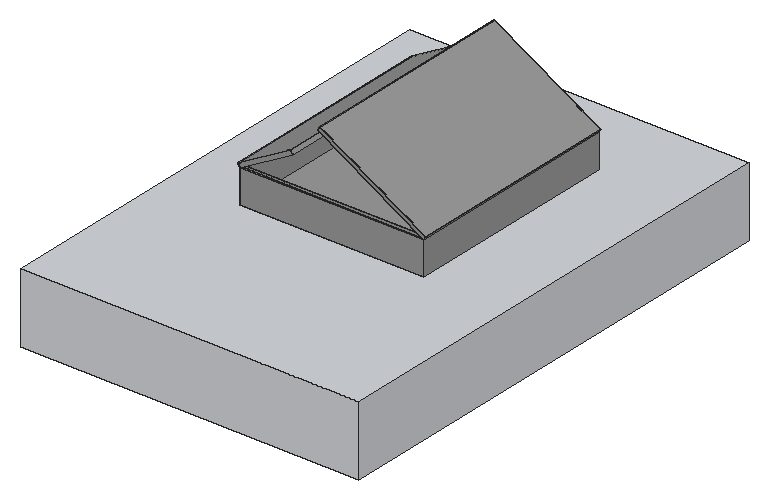
Revit family "Hager-Univers-IP44-D161-Cl.II-FWB-encl--PL-pl", category Equipement électrique, Revit 2020
Family settings
  Hôte = Face
  Configuration du panneau = Deux colonnes, circuits au sein
  Cote de connecteur circulaire = Utiliser le diamètre
  Type d'élément = Tableau de raccordement
  Couper avec des vides une fois chargée = Non
  Partagée = Non
  Point de calcul de pièce = Non
Parameters (values of type "Montaż natynkowy IP44 S800 W950 G161  - FWB63D")
  Width Control [instance] = if([EF000008 - Szerokość] > Min Width, [EF000008 - Szerokość], Min Width)  # 800 mm
  Commentaires du type = [HG000003 - Zakres]  # "Univers"
  Thickness Door [instance] = if([EF009171 - Drzwi/pokrywa z materiału o wysokiej wytrzymałości mechanicznej] > 3 mm, 3 mm, [EF009171 - Drzwi/pokrywa z materiału o wysokiej wytrzymałości mechanicznej])  # 1 mm
  Seal Frame Offset [instance] = 17 mm  # constant formula
  Plinth Visibility [instance] = [HG000027 - Wysokość cokołu] > 0 mm  # no
  Model = ""
  Min Width [instance] = 100 mm  # constant formula
  Min Height [instance] = 100 mm  # constant formula
  Min Depth [instance] = (2 * [EF009170 - Obudowa z materiału o wysokiej wytrzymałości mechanicznej]) + 1 mm  # 3 mm
  Internal Frame Depth [instance] = (Door System Depth * 0.5)  # 9 mm
  Height Control [instance] = if([EF000040 - Wysokość] > Min Height, [EF000040 - Wysokość], Min Height)  # 950 mm
  HG000027 - Wysokość cokołu = 0 mm
  HG000026 - Stojąca = no
  HG000024 - Wysokość części dolnej = 800 mm
  HG000023 - Obudowa dwusekcyjna = no
  HG000016 - Widoczność drzwi w widoku 3D [instance] = yes
  HG000015 - Przestrzeń robocza - otwarcie drzwi [instance] = no
  HG000014 - Drzwi prawe [instance] = yes
  HG000013 - Drzwi lewe [instance] = not([HG000014 - Drzwi prawe])  # no
  HG000012 - Kąt otwarcia drzwi [instance] = 30.00°
  HG000010 - Drzwi asymetryczne = yes
  HG000009 - Drzwi dwuskrzydłowe = yes
  HG000006 - Montaż podtynkowy = no
  HG000004 - Referencja producenta = "FWB63D"
  HG000003 - Zakres = "Univers"
  HG000002 - Z drzwiami lub pokrywą = yes
  Frame Offset Bottom [instance] = 10 mm  # constant formula
  Frame Offset [instance] = 15 mm  # constant formula
  EF015940 - Pokrywa z wyzwalaczem nadciśnieniowym = no
  EF011959 - Stopień ochrony (NEMA) = ""
  EF009554 - Liczba otworów pod flansze = 6
  Fabricant = "Hager"  # constant formula
  EF009212 - Wykonanie pokrywy = "EV000116 - Zamknięty"
  EF009171 - Drzwi/pokrywa z materiału o wysokiej wytrzymałości mechanicznej = 1 mm
  EF009170 - Obudowa z materiału o wysokiej wytrzymałości mechanicznej = 1 mm
  EF008873 - Prąd znamionowy (In) = 125 A
  EF007800 - Do ochrony odgromowej = no
  EF006306 - Z zamkiem = no
  EF006244 - Transparentna pokrywa/drzwi = no
  EF005474 - Stopień ochrony (IP) = "EV006418 - IP44"
  EF004464 - Rodzaj drzwi = "EV000494 - Brak"
  EF004427 - Liczba modułów = 216
  EF004293 - Odporność udarowa = "EV006815 - IK09"
  EF003532 - Do zastosowań zewnętrznych = no
  EF002950 - Szerokość wyrażona liczbą modułów = 12
  EF001613 - Podtrzymanie funkcji = "EV000494 - Brak"
  EF001596 - Materiał obudowy = "EV000179 - Stal"
  EF001131 - Głębokość wewnętrzna = 156 mm
  EF001088 - Możliwość rozbudowy = yes
  EF000437 - Liczba wejść kablowych = 12
  EF000339 - Rodzaj pokrywy = "EV004216 - Drzwi"
  EF000266 - Liczba rzędów = 0
  EF000218 - Głębokość wbudowania = 0 mm
  EF000118 - Z płytą montażową = no
  EF000116 - Numer RAL = "9010"
  EF000049 - Głębokość = 161 mm
  EF000040 - Wysokość = 950 mm
  EF000008 - Szerokość = 800 mm
  EF000007 - Kolor = "EV000202 - Biały"
  EF000003 - Sposób montażu = "EV000384 - Montaż natynkowy"
  Door System Leaf Tolerance [instance] = 1.5 mm  # constant formula
  Door System Depth [instance] = 18 mm  # constant formula
  Door Height [instance] = Height Control - [HG000027 - Wysokość cokołu]  # 950 mm
  Depth Control [instance] = if([EF000049 - Głębokość] > Min Depth, [EF000049 - Głębokość], Min Depth)  # 161 mm
  Default Elevation = 0 mm
  Connector Offset [instance] = Height Control / 2  # 475 mm
  Bottom Top Plate Trim [instance] = 1.5 mm  # constant formula
  Plinth height Ctrl [instance] = if([HG000027 - Wysokość cokołu] > 0 mm, [HG000027 - Wysokość cokołu], 12 mm)  # 12 mm
Reference planes
  plane 1 "Center (Front/Back)": y = 0
  plane 2: z = 0
  plane 3 "Center (Left/Right)": x = 0
  plane 4: z = 161
  plane 5: y = 1
  plane 6: y = 475
  plane 7: y = 0
  plane 8: y = 950
  plane 9: z = 0
  plane 10: x = -385
  plane 11: x = 385
  plane 12: x = 384
  plane 13: x = -384
  plane 14: y = 949
  plane 15: x = -383
  plane 16: x = -400
  plane 17: x = 383
  plane 18: x = 400
  plane 19: x = 399
  plane 20: x = -399
  plane 21: y = 11
  plane 22: y = 950
  plane 23: y = 934
  plane 24: z = 143
  plane 25: z = 1
  plane 26: z = 142
  plane 27: z = 160
Forms (mm)
  Extrusion 1, solid
    sketch origin (0, 0, 0) x (1, 0, 0) y (0, 1, 0)
      loop
        line (-702.964, 1305) -> (-702.964, -811.445) -> (766.763, -811.445) -> (766.763, 1305) -> (-702.964, 1305)
    from 0 to -304.8
  Extrusion 2, solid, material "Hager_Steel_RAL7035_Light_Grey", visible <- "Plinth Visibility", detail levels medium+fine
    sketch origin (0, 0, 0) x (1, 0, 0) y (0, 1, 0)
      loop
        line (-400, 0) -> (400, 0) -> (400, 12) -> (-400, 12) -> (-400, 0)
    from 0 to 143
  Extrusion 3, solid, material "Hager_Steel_RAL7035_Light_Grey", detail levels medium+fine
    sketch origin (0, 0, 0) x (1, 0, 0) y (0, 1, 0)
      loop
        line (-400, 0) -> (400, 0) -> (400, 950) -> (-400, 950) -> (-400, 0)
    from 0 to 143
  Extrusion 4, void
    sketch origin (0, 0, 0) x (1, 0, 0) y (0, 1, 0)
      loop
        line (-399, 1) -> (399, 1) -> (399, 949) -> (-399, 949) -> (-399, 1)
    from 1 to 142
  Extrusion 5, void
    sketch origin (-381.607, -4572, 143) x (0, -1, 0) y (-1, 0, 0)
      loop
        line (-4583, 2.393) -> (-5506, 2.393) -> (-5506, -765.607) -> (-4583, -765.607) -> (-4583, 2.393)
    from 0 to 1 <- "EF009170 - Obudowa z materiału o wysokiej wytrzymałości mechanicznej"
  Extrusion 6, solid, material "Hager_Steel_RAL7035_Light_Grey", detail levels fine
    sketch origin (0, 0, 143) x (1, 0, 0) y (0, 1, 0)
      loop
        line (-384, 934) -> (-384, 11) -> (384, 11) -> (384, 934) -> (-384, 934)
      loop
        line (-385, 10) -> (385, 10) -> (385, 935) -> (-385, 935) -> (-385, 10)
    from 0 to 9 <- "Internal Frame Depth"
  Extrusion 7, solid, material "Hager_Steel_RAL7035_Light_Grey", detail levels coarse
    sketch origin (0, 0, 0) x (1, 0, 0) y (0, 1, 0)
      loop
        line (-400, 0) -> (400, 0) -> (400, 950) -> (-400, 950) -> (-400, 0)
    from 0 to 161
  Sweep 8, void
    path in 3D
      loop
        line (-400, 12, 0) -> (400, 12, 0) -> (400, 12, 143) -> (-400, 12, 143) -> (-400, 12, 0)
    profile origin (-400, 12, 71.5) x (-1, 0, 0) y (0, -1, 0)
      loop
        line (0, 0) -> (0, 1.5) -> (-1.5, 1.5)
        arc (-1.5, 1.5) -> (-1.061, 0.439) -> (0, 0) r 1.5
Cuts and joins
  Extrusion 4, Extrusion 5 cuts Extrusion 3
  Sweep 8 cuts Extrusion 2
Lines and regions (mm)
  Masking region 1
    outline origin (0, 0, 0) x (1, 0, 0) y (0, 0, 1)
      loop
        line (-400, 161) -> (-400, 0) -> (400, 0) -> (400, 161) -> (-400, 161)
  Masking region 2, detail levels medium+fine
    outline origin (0, 140, 0) x (0, 1, 0) y (0, 0, 1)
      loop
        line (-140, 0) -> (810, 0) -> (810, 143) -> (-140, 143) -> (-140, 0)
  Masking region 3, not visible, detail levels medium+fine
    outline origin (0, 297.922, 0) x (0, 1, 0) y (0, 0, 1)
      loop
        line (188.578, 0) -> (228.578, 0) -> (228.578, 150)
        arc (228.578, 150) -> (225.649, 157.071) -> (218.578, 160) r 10
        line (218.578, 160) -> (188.578, 160) -> (188.578, 0)
  Masking region 4, detail levels coarse
    outline origin (0, 0, 180) x (0, 1, 0) y (0, 0, 1)
      loop
        line (0, -180) -> (950, -180) -> (950, -19) -> (0, -19) -> (0, -180)
  Masking region 5, visible <- "Plinth Visibility", detail levels medium+fine
    outline origin (0, 52.24, 12.345) x (0, 0, -1) y (0, 1, 0)
      loop
        line (10.845, -40.24) -> (-129.155, -40.24)
        arc (-129.155, -40.24) -> (-129.594, -41.301) -> (-130.655, -41.74) r 1.5
        line (-130.655, -41.74) -> (-130.655, -52.24) -> (12.345, -52.24) -> (12.345, -41.74)
        arc (12.345, -41.74) -> (11.285, -41.301) -> (10.845, -40.24) r 1.5
  Masking region 6, detail levels medium+fine
    outline origin (-381.607, -4572, 143) x (-1, 0, 0) y (0, -1, 0)
      loop
        line (18.393, -5522) -> (18.393, -4572) -> (-781.607, -4572) -> (-781.607, -5522) -> (18.393, -5522)
  Masking region 7, visible <- "Plinth Visibility", detail levels medium+fine
    outline origin (-381.607, -4727, 143) x (-1, 0, 0) y (0, -1, 0)
      loop
        arc (16.893, -4739) -> (17.332, -4737.939) -> (18.393, -4737.5) r 1.5
        line (18.393, -4737.5) -> (18.393, -4727) -> (-781.607, -4727) -> (-781.607, -4737.5)
        arc (-781.607, -4737.5) -> (-780.546, -4737.939) -> (-780.107, -4739) r 1.5
        line (-780.107, -4739) -> (16.893, -4739)
  Masking region 8, detail levels coarse
    outline origin (-442.548, -4669.526, 143) x (-1, 0, 0) y (0, -1, 0)
      loop
        line (-42.548, -5619.526) -> (-42.548, -4669.526) -> (-842.548, -4669.526) -> (-842.548, -5619.526) -> (-42.548, -5619.526)
  sketch lines
    curve 1: line (-400, 12, 143) -> (-400, 12, 0)
    curve 2: line (400, 12, 143) -> (-400, 12, 143)
    curve 3: line (400, 12, 143) -> (400, 12, 0)
    curve 4: line (-400, 12, 0) -> (400, 12, 0)
Dimensions and locks
  "Depth Control": plane 4 to Extrusion 1
  "HG000027 - Wysokość cokołu": plane 1 "Center (Front/Back)" to plane 7
  "EF009170 - Obudowa z materiału o wysokiej wytrzymałości mechanicznej": plane 5 to plane 7
  locked: connector elem to plane 3 "Center (Left/Right)"
  equal spacing: plane 8, plane 6, plane 7
  locked: connector elem to plane 6
  "EF009170 - Obudowa z materiału o wysokiej wytrzymałości mechanicznej": plane 8 to plane 14
  "EF009170 - Obudowa z materiału o wysokiej wytrzymałości mechanicznej": plane 10 to plane 13
  "EF009170 - Obudowa z materiału o wysokiej wytrzymałości mechanicznej": plane 12 to plane 11
  "Frame Offset": plane 20 to plane 13
  "Frame Offset": plane 12 to plane 19
  "EF009170 - Obudowa z materiału o wysokiej wytrzymałości mechanicznej": plane 16 to plane 20
  "EF009170 - Obudowa z materiału o wysokiej wytrzymałości mechanicznej": plane 19 to plane 18
  "Seal Frame Offset": plane 16 to plane 15
  "Seal Frame Offset": plane 17 to plane 18
  "Frame Offset Bottom": plane 21 to plane 5
  "Frame Offset": plane 14 to plane 23
  equal spacing: plane 16, plane 3 "Center (Left/Right)", plane 18
  "Width Control": plane 16 to plane 18
  "EF009170 - Obudowa z materiału o wysokiej wytrzymałości mechanicznej": plane 4 to plane 27
  "EF009170 - Obudowa z materiału o wysokiej wytrzymałości mechanicznej": plane 24 to plane 26
  "EF009170 - Obudowa z materiału o wysokiej wytrzymałości mechanicznej": plane 25 to level
  "Door System Depth": plane 4 to plane 24
  "Height Control": plane 1 "Center (Front/Back)" to Extrusion 7 sketch curve
  "Height Control": Masking region 4 sketch curve to plane 1 "Center (Front/Back)"
  "Height Control": plane 1 "Center (Front/Back)" to plane 22
  "Bottom Top Plate Trim": profile plane to Sweep 8 sketch curve
  "Bottom Top Plate Trim": Sweep 8 sketch curve to profile plane
  "Plinth height Ctrl": plane 1 "Center (Front/Back)" to Extrusion 2 sketch curve
  "Plinth height Ctrl": Masking region 5 sketch curve to plane 1 "Center (Front/Back)"
  "Plinth height Ctrl": plane 1 "Center (Front/Back)" to Masking region 7 sketch curve
  "Thickness Door": Extrusion 6 sketch curve to Extrusion 6 sketch curve  (x3)
  "Thickness Door": cut or joined group of Extrusion 3, Extrusion 4, Extrusion 5 to Extrusion 6 sketch curve
  radius of Masking region 3 sketch curve = 10 mm
  "Bottom Top Plate Trim": radius of Masking region 5 sketch curve  (x2)
  "Bottom Top Plate Trim": radius of Sweep 8 sketch curve
  "Bottom Top Plate Trim": radius of Masking region 7 sketch curve  (x2)
  aligned and locked: plane 2 to Extrusion 1
  aligned and locked: level to Extrusion 1
  aligned and locked: level to Masking region 1 sketch curve
  aligned and locked: Masking region 1 sketch curve to plane 18
  aligned and locked: Masking region 1 sketch curve to plane 16
  aligned and locked: plane 7 to Masking region 2 sketch curve
  aligned and locked: level to Masking region 3 sketch curve
  aligned and locked: Masking region 3 sketch curve to plane 27
  aligned and locked: level to Masking region 2 sketch curve
  aligned and locked: plane 1 "Center (Front/Back)" to Extrusion 2 sketch curve
  aligned and locked: Extrusion 3 sketch curve to plane 7
  aligned and locked: plane 16 to Extrusion 3 sketch curve
  aligned and locked: plane 18 to Extrusion 3 sketch curve
  aligned and locked: plane 20 to Extrusion 4 sketch curve
  aligned and locked: plane 19 to Extrusion 4 sketch curve
  aligned and locked: Extrusion 4 sketch curve to plane 5
  aligned and locked: Extrusion 4 to plane 25
  aligned and locked: plane 26 to Extrusion 4
  aligned and locked: plane 24 to Extrusion 3
  aligned and locked: Extrusion 5 sketch curve to plane 21
  aligned and locked: Extrusion 5 sketch curve to plane 13
  aligned and locked: Extrusion 5 sketch curve to plane 12
  aligned and locked: plane 18 to Extrusion 7 sketch curve
  aligned and locked: plane 1 "Center (Front/Back)" to Extrusion 7 sketch curve
  aligned and locked: plane 16 to Extrusion 7 sketch curve
  aligned and locked: plane 4 to Extrusion 7
  aligned and locked: Extrusion 7 to level
  aligned and locked: level to Masking region 4 sketch curve
  aligned and locked: Masking region 4 sketch curve to plane 1 "Center (Front/Back)"
  aligned and locked: Masking region 4 sketch curve to plane 4
  aligned and locked: nested 1 to level
  aligned and locked: nested 1 to plane 16
  aligned and locked: plane 8 to Extrusion 3 sketch curve
  aligned and locked: plane 23 to Extrusion 5 sketch curve
  aligned and locked: plane 14 to Extrusion 4 sketch curve
  aligned and locked: Masking region 2 sketch curve to plane 8
  aligned and locked: level to Masking region 5 sketch curve
  aligned and locked: plane 16 to Extrusion 2 sketch curve
  aligned and locked: plane 18 to Extrusion 2 sketch curve
  aligned and locked: Masking region 5 sketch curve to plane 24
  aligned and locked: Masking region 2 sketch curve to plane 24
  aligned and locked: plane 24 to Extrusion 2
  aligned and locked: profile plane to Sweep 8 sketch curve  (x2)
  aligned and locked: Masking region 6 sketch curve to plane 18
  aligned and locked: Masking region 6 sketch curve to plane 22
  aligned and locked: Masking region 6 sketch curve to plane 16
  aligned and locked: plane 8 to plane 22
  aligned and locked: Masking region 6 sketch curve to plane 7
  aligned and locked: Masking region 7 sketch curve to plane 16
  aligned and locked: Masking region 7 sketch curve to plane 1 "Center (Front/Back)"
  aligned and locked: Masking region 7 sketch curve to plane 18
  aligned and locked: Masking region 8 sketch curve to plane 1 "Center (Front/Back)"
  aligned and locked: Masking region 8 sketch curve to plane 18
  aligned and locked: Masking region 8 sketch curve to plane 22
  aligned and locked: Masking region 8 sketch curve to plane 16
  aligned and locked: nested 2 to plane 7
  aligned and locked: plane 3 "Center (Left/Right)" to nested 2
  aligned and locked: nested 2 to plane 24
  aligned and locked: Extrusion 6 sketch curve to cut or joined group of Extrusion 3, Extrusion 4, Extrusion 5  (x4)
Automatic sketch dimensions
  Extrusion 1 sketch curve to Extrusion 1 sketch curve = 1469.727 mm
  Extrusion 1 sketch curve to Extrusion 1 sketch curve = 2116.445 mm
  Masking region 1 sketch curve to plane 4 = 0 mm
  plane 6 to Masking region 3 sketch curve = 11.5 mm
  Masking region 3 sketch curve to Masking region 3 sketch curve = 30 mm
  Masking region 5 sketch curve to plane 1 "Center (Front/Back)" = 0 mm
Nested families
  nested 1: "Hager_Enclosure_Symbol" at (-400, 0, 0) x (1, 0, 0) z (0, -1, 0), Height <- "Depth Control", Width <- "Width Control", type "Hager_Enclosure_Symbol"
    with Width_Ctrl 800 mm, Width 800 mm, Height_Ctrl 161 mm, Height 161 mm, A_Width_Int 10.566 mm, A_Width 126.788 mm, A_Height_Ctrl 140.875 mm, A_Height 140.875 mm
  nested 2: "EC000058_Univers_Door" at (0, 0, 143) x (1, 0, 0) z (0, 1, 0), Leaf_Tolerance <- "Door System Leaf Tolerance", Angle <- "HG000012 - Kąt otwarcia drzwi", Door_Depth <- "Door System Depth", Door_Left <- "HG000013 - Drzwi lewe", Transparent <- "EF006244 - Transparentna pokrywa/drzwi", Assymetrical <- "HG000010 - Drzwi asymetryczne", Width <- "Width Control", Clearance <- "HG000015 - Przestrzeń robocza - otwarcie drzwi", Double <- "HG000009 - Drzwi dwuskrzydłowe", 3d_Door <- "HG000016 - Widoczność drzwi w widoku 3D", Lock_Visibility <- "EF006306 - Z zamkiem", Width_Ctrl <- "Width Control", Door_Right <- "HG000014 - Drzwi prawe", Door <- "HG000002 - Z drzwiami lub pokrywą", Height <- "Door Height", Thickness <- "Thickness Door", type "EC000058_Univers_Door", detail levels medium+fine
    with min_wh 3 mm, Width_Ctrl 800 mm, Width 800 mm, Transparent no, Thickness 1 mm, Seal_Material Hager_Rubber, Lock_Visibility no, Lock_Material Hager_Plastic_RAL9005_Jet_Black, Leaf_Width 800 mm, Leaf_Tolerance_External_Sides 0 mm, Leaf_Tolerance 1.5 mm, Leaf_Offset 0 mm, Leaf_Height 947 mm, Leaf_2_Width 532.583 mm, Leaf_2_Offset 266.292 mm, Leaf_1_Width 265.917 mm, Leaf_1_Offset 132.958 mm, Height_Ctrl 950 mm, Height 950 mm, Glass_Material Hager_Glass, Double_Clearance_Ctrl no, Double yes, Door_Right_Ctrl yes, Door_Right yes, Door_Material Hager_Steel_RAL7035_Light_Grey, Door_Left_Ctrl yes, Door_Left no, Door_Depth 18 mm, Door yes, Clearance_Material Hager_Clearance, Clearance_Depth 532.583 mm, Clearance_Ctrl no, Clearance no, Assymetrical yes, Angle 30.00°, 3d_Door yes
Connectors
  electrical at (0, 475, 0)
    settings: on plane 9, index 1, voltage 0 V, apparent load 0 VA, apparent load phase1 0 VA, apparent load phase2 0 VA, apparent load phase3 0 VA, power factor 1, load classification "Other", number of poles 1, system type 30, power factor state 1, is connector primary yes, connector utility no, sub classification motor no, connector description ""
Definition of nested family "EC000058_Univers_Door"
  Parameters (values of type "EC000058_Univers_Door")
    min_wh [instance] = (2 * Thickness) + 1 mm  # 11 mm
    Width_Ctrl [instance] = 400 mm
    Width [instance] = 500 mm
    Transparent [instance] = yes
    Thickness [instance] = 5 mm
    Seal_Material [instance] = none
    Lock_Visibility [instance] = yes
    Lock_Material [instance] = none
    Leaf_Width [instance] = if((Width_Ctrl - 2 * Leaf_Tolerance_External_Sides) > 0 mm, (Width_Ctrl - 2 * Leaf_Tolerance_External_Sides), min_wh)  # 400 mm
    Leaf_Tolerance_External_Sides [instance] = 0 mm  # constant formula
    Leaf_Tolerance [instance] = 1.5 mm
    Leaf_Offset [instance] = 0 mm  # constant formula
    Leaf_Height [instance] = if((Height_Ctrl - 2 * Leaf_Tolerance) > 0 mm, (Height_Ctrl - 2 * Leaf_Tolerance), min_wh)  # 497 mm
    Leaf_2_Width [instance] = if(and(and(Double, Assymetrical), Door_Left), (Leaf_Width / 3) - (Leaf_Tolerance / 2), if(and(and(Double, Assymetrical), Door_Right), (Leaf_Width / 3) * 2 - (Leaf_Tolerance / 2), if(and(Double, not(Assymetrical)), (Leaf_Width / 2) - Leaf_Tolerance, Leaf_Width)))  # 400 mm
    Leaf_2_Offset [instance] = if(and(Double, Assymetrical), Leaf_2_Width / 2, if(and(Double, not(Assymetrical)), Leaf_Width / 4, Leaf_Width / 2))  # 200 mm
    Leaf_1_Width [instance] = if(and(and(Double, Assymetrical), Door_Right), (Leaf_Width / 3) - (Leaf_Tolerance / 2), if(and(and(Double, Assymetrical), Door_Left), (Width / 3) * 2 - (Leaf_Tolerance / 2), if(and(Double, not(Assymetrical)), (Leaf_Width / 2) - Leaf_Tolerance, Leaf_Width)))  # 400 mm
    Leaf_1_Offset [instance] = if(and(Double, Assymetrical), Leaf_1_Width / 2, if(and(Double, not(Assymetrical)), Leaf_Width / 4, Leaf_Width / 2))  # 200 mm
    Height_Ctrl [instance] = if(Height > min_wh, Height, min_wh)  # 500 mm
    Height [instance] = 500 mm
    Glass_Material [instance] = none
    Double_Clearance_Ctrl [instance] = and(Double, Clearance)  # no
    Double [instance] = no
    Door_Right_Ctrl [instance] = and(or(Door_Right, Double), Door)  # yes
    Door_Right [instance] = yes
    Door_Material [instance] = none
    Door_Left_Ctrl [instance] = and(or(Door_Left, Double), Door)  # no
    Door_Left [instance] = no
    Door_Depth [instance] = 30 mm
    Door [instance] = yes
    Default Elevation = 1219.2 mm
    Clearance_Material [instance] = none
    Clearance_Depth [instance] = if(Leaf_1_Width > Leaf_2_Width, Leaf_1_Width, Leaf_2_Width)  # 400 mm
    Clearance_Ctrl [instance] = and(not(Double), Clearance)  # yes
    Clearance [instance] = yes
    Assymetrical [instance] = yes
    Angle [instance] = 30.00°
    3d_Door [instance] = yes
  Reference planes
    plane 1 "Center (Front/Back)": y = 0
    plane 2 "Bottom": z = 0
    plane 3 "Center (Left/Right)": x = 0
    plane 4: z = 500
    plane 5: x = -200
    plane 6: x = 200
    plane 7: z = 500
    plane 8: x = -200
    plane 9: z = 0
    plane 10: x = 200
    plane 11: y = 0
    plane 12: z = 1.5
    plane 13: x = -600
    plane 14: y = -400
    plane 15: x = 600
    plane 16: x = 0
    plane 17: x = 0
    plane 18: x = -200
    plane 19: x = 200
    plane 20: z = 498.5
  Forms (mm)
    Extrusion 1, solid, material <- "Clearance_Material", visible <- "Double_Clearance_Ctrl"
      sketch origin (1200, 0, 0) x (1, 0, 0) y (0, 0, -1)
        loop
          line (-1800, -498.5) -> (-600, -498.5) -> (-600, 0) -> (-1800, 0) -> (-1800, -498.5)
      from 0 to -400
  Dimensions and locks
    equal spacing: plane 5, plane 3 "Center (Left/Right)", plane 6
    "Width_Ctrl": plane 5 to plane 6
    "Leaf_Offset": plane 5 to plane 8
    "Leaf_Offset": plane 6 to plane 10
    "Leaf_Offset": plane 9 to level
    "Leaf_Offset": plane 4 to plane 7
    "Height_Ctrl": plane 4 to level
    "Leaf_Tolerance": plane 12 to plane 9
    locked: plane 11 to plane 1 "Center (Front/Back)"
    "Leaf_1_Offset": plane 18 to plane 16
    "Leaf_2_Offset": plane 17 to plane 19
    "Leaf_1_Width": plane 13 to plane 8
    "Leaf_2_Width": plane 10 to plane 15
    "Clearance_Depth": plane 14 to plane 1 "Center (Front/Back)"
    "Leaf_Tolerance_External_Sides": plane 8 to plane 18
    "Leaf_Tolerance_External_Sides": plane 19 to plane 10
    "Leaf_Tolerance": plane 7 to plane 20
    aligned and locked: level to plane 2 "Bottom"
    aligned and locked: nested 1 to plane 16
    aligned and locked: nested 2 to plane 17
    aligned and locked: Extrusion 1 to plane 13
    aligned and locked: plane 15 to Extrusion 1
    aligned and locked: Extrusion 1 to plane 14
    aligned and locked: plane 12 to nested 1
    aligned and locked: nested 2 to plane 12
    aligned and locked: Extrusion 1 to plane 11
    aligned and locked: plane 20 to Extrusion 1
    aligned and locked: nested 2 to plane 11
    aligned and locked: nested 1 to plane 11
  Automatic sketch dimensions
    Extrusion 1 sketch curve to level = 0 mm
    plane 5 to Extrusion 1 sketch curve = 400 mm
    plane 6 to Extrusion 1 sketch curve = 400 mm
    Extrusion 1 sketch curve to plane 4 = 1.5 mm
  Nested families
    nested 1: "EC000058_Univers_Door_Leaf" at (0, 0, 1.5), Width <- "Leaf_1_Width", visible <- "Door_Left_Ctrl", Leaf_Height <- "Leaf_Height", Angle <- "Angle", 3d_Door <- "3d_Door", Transparent <- "Transparent", Clearance Material <- "Clearance_Material", Clearance <- "Clearance_Ctrl", Door_Material <- "Door_Material", Glass_Material <- "Glass_Material", Door_Depth <- "Door_Depth", Lock_Material <- "Lock_Material", Seal_Material <- "Seal_Material", Lock_Visibility <- "Lock_Visibility", Thickness <- "Thickness", type "EC000058_Univers_Door_Leaf"
      with Width 400 mm, Transparent_Glass_Offset 30 mm, Transparent_Ctrl yes, Transparent yes, Thickness 5 mm, Standard no, Seal_Material none, Seal_D2 8 mm, Seal_D1 1 mm, Offset_Internal_Frame 10 mm, Lock_Width 20 mm, Lock_Visibility_3d yes, Lock_Visibility yes, Lock_Thickness_3 3 mm, Lock_Thickness_2 1 mm, Lock_Thickness_1 3 mm, Lock_Radius_Offset_2 16 mm, Lock_Radius_Offset_1 15 mm, Lock_Radius_2 5 mm, Lock_Radius 6 mm, Lock_Offset 5 mm, Lock_Material none, Lock_Height 80 mm, Lock_Cover_Top_Offset_2d 17 mm, Lock_Cover_Height -65 mm, Leaf_Height 497 mm, Internal_Seal_Thickness 8 mm, Internal_Seal_Depth_2 4.5 mm, Internal_Frame_Depth 25 mm, Glass_Thickness -1 mm, Glass_Offset -2 mm, Glass_Material none, Door_Material none, Door_Depth 30 mm, Clearance Material none, Clearance yes, Angle_Ctrl 30.00°, Angle 30.00°, 3d_Door yes
    nested 2: "EC000058_Univers_Door_Leaf" at (0, 0, 1.5) x (-1, 0, 0) z (0, 0, 1), Width <- "Leaf_2_Width", visible <- "Door_Right_Ctrl", Leaf_Height <- "Leaf_Height", Angle <- "Angle", 3d_Door <- "3d_Door", Transparent <- "Transparent", Clearance Material <- "Clearance_Material", Clearance <- "Clearance_Ctrl", Door_Material <- "Door_Material", Glass_Material <- "Glass_Material", Door_Depth <- "Door_Depth", Lock_Material <- "Lock_Material", Seal_Material <- "Seal_Material", Lock_Visibility <- "Lock_Visibility", Thickness <- "Thickness", type "EC000058_Univers_Door_Leaf"
      with Width 400 mm, Transparent_Glass_Offset 30 mm, Transparent_Ctrl yes, Transparent yes, Thickness 5 mm, Standard no, Seal_Material none, Seal_D2 8 mm, Seal_D1 1 mm, Offset_Internal_Frame 10 mm, Lock_Width 20 mm, Lock_Visibility_3d yes, Lock_Visibility yes, Lock_Thickness_3 3 mm, Lock_Thickness_2 1 mm, Lock_Thickness_1 3 mm, Lock_Radius_Offset_2 16 mm, Lock_Radius_Offset_1 15 mm, Lock_Radius_2 5 mm, Lock_Radius 6 mm, Lock_Offset 5 mm, Lock_Material none, Lock_Height 80 mm, Lock_Cover_Top_Offset_2d 17 mm, Lock_Cover_Height -65 mm, Leaf_Height 497 mm, Internal_Seal_Thickness 8 mm, Internal_Seal_Depth_2 4.5 mm, Internal_Frame_Depth 25 mm, Glass_Thickness -1 mm, Glass_Offset -2 mm, Glass_Material none, Door_Material none, Door_Depth 30 mm, Clearance Material none, Clearance yes, Angle_Ctrl 30.00°, Angle 30.00°, 3d_Door yes
  Definition of nested family "EC000058_Univers_Door_Leaf"
    Parameters (values of type "EC000058_Univers_Door_Leaf")
      Width [instance] = 2000 mm
      Transparent_Glass_Offset [instance] = 30 mm
      Transparent_Ctrl [instance] = and(Transparent, [3d_Door])  # yes
      Transparent [instance] = yes
      Thickness [instance] = 5 mm
      Standard [instance] = and(not(Transparent), [3d_Door])  # no
      Seal_Material [instance] = none
      Seal_D2 [instance] = 8 mm  # constant formula
      Seal_D1 [instance] = 1 mm  # constant formula
      Offset_Internal_Frame [instance] = 10 mm  # constant formula
      Lock_Width [instance] = 20 mm  # constant formula
      Lock_Visibility_3d [instance] = and(Lock_Visibility, [3d_Door])  # yes
      Lock_Visibility [instance] = yes
      Lock_Thickness_3 [instance] = 3 mm  # constant formula
      Lock_Thickness_2 [instance] = 1 mm  # constant formula
      Lock_Thickness_1 [instance] = 3 mm  # constant formula
      Lock_Radius_Offset_2 [instance] = Lock_Radius_Offset_1 + 1 mm  # 16 mm
      Lock_Radius_Offset_1 [instance] = 15 mm  # constant formula
      Lock_Radius_2 [instance] = Lock_Radius - 1 mm  # 5 mm
      Lock_Radius [instance] = 6 mm  # constant formula
      Lock_Offset [instance] = 5 mm  # constant formula
      Lock_Material [instance] = none
      Lock_Height [instance] = 80 mm  # constant formula
      Lock_Cover_Top_Offset_2d [instance] = Lock_Radius_Offset_2 + 1 mm  # 17 mm
      Lock_Cover_Height [instance] = -(Lock_Height - Lock_Radius_Offset_1)  # -65 mm
      Leaf_Height [instance] = 2720.336 mm
      Internal_Seal_Thickness [instance] = 8 mm  # constant formula
      Internal_Seal_Depth_2 [instance] = 4.5 mm  # constant formula
      Internal_Frame_Depth [instance] = if(Door_Depth - Thickness > 5 mm, Door_Depth - Thickness, 5 mm)  # 25 mm
      Glass_Thickness [instance] = if(Thickness > 15 mm, Glass_Offset + 10 mm, -1 mm)  # -1 mm
      Glass_Offset [instance] = if(Thickness > 15 mm, -(Thickness + 10 mm) / 2, -2 mm)  # -2 mm
      Glass_Material [instance] = none
      Door_Material [instance] = none
      Door_Depth [instance] = 30 mm
      Default Elevation = 0 mm
      Clearance Material [instance] = none
      Clearance [instance] = yes
      Angle_Ctrl [instance] = if(Angle > 180.00°, 180.00°, Angle)  # 90.00°
      Angle [instance] = 90.00°
      3d_Door [instance] = yes
    Reference planes
      plane 1 "Center (Front/Back)": y = 0
      plane 2: z = 0
      plane 3 "Center (Left/Right)": x = 0
      plane 4: y = 2000
      plane 5: x = -1000
      plane 6: x = 1000
      plane 7: x = -3000
      plane 8: z = 2720.336
      plane 9: z = 30
      plane 10: z = 2690.336
      plane 11: x = 970
      plane 12: x = -970
      plane 13: y = -3
      plane 14: z = 107.833
      plane 15: y = -5
      plane 16: y = -223.314
      plane 17: x = -1000
      plane 18: z = 1360.168
      plane 19: y = 30
    Forms (mm)
      Extrusion 1, solid, material <- "Clearance Material", visible <- "Clearance"
        sketch origin (0, 0, 0) x (1, 0, 0) y (0, 0, 1)
          loop
            line (-3000, 2720.336) -> (-3000, 0) -> (1000, 0) -> (1000, 2720.336) -> (-3000, 2720.336)
        from 0 to -2000
      Extrusion 2, solid, material <- "Door_Material", visible <- "Standard", detail levels medium+fine
        sketch origin (-1000, 0, 0) x (0, 1, 0) y (-1, 0, 0)
          loop
            line (0, 30) -> (0, 25) -> (2000, 25) -> (2000, 30) -> (0, 30)
        from 0 to 2720.336 <- "Leaf_Height"
      Extrusion 3, solid, material <- "Door_Material", visible <- "Transparent_Ctrl", detail levels medium+fine
        sketch origin (-1000, 0, 0) x (0, 1, 0) y (-1, 0, 0)
          loop
            line (0, 25) -> (2000, 25) -> (2000, 30) -> (0, 30) -> (0, 25)
        from 0 to 2720.336 <- "Leaf_Height"
      Extrusion 4, void
        sketch origin (-1025, 2000, 0) x (0, 1, 0) y (0, 0, -1)
          loop
            line (-30, -2690.336) -> (-30, -30) -> (-1970, -30) -> (-1970, -2690.336) -> (-30, -2690.336)
        from 0 to 5 <- "Thickness"
      Sweep 5, solid, material <- "Seal_Material", visible <- "Transparent_Ctrl", detail levels fine
        path in 3D
          loop
            line (-1025, 30, 30) -> (-1025, 30, 2690.336) -> (-1025, 1970, 2690.336) -> (-1025, 1970, 30) -> (-1025, 30, 30)
        profile origin (-1025, 1000, 30) x (1, 0, 0) y (0, 0, 1)
          loop
            line (0, 0) -> (0, -8) -> (1, -8) -> (1, 0) -> (0, 0)
      Extrusion 6, solid, material <- "Glass_Material", visible <- "Transparent_Ctrl", detail levels medium+fine
        sketch origin (-1030, 0, 0) x (0, 1, 0) y (0, 0, -1)
          loop
            line (1970, -2690.336) -> (1970, -30) -> (30, -30) -> (30, -2690.336) -> (1970, -2690.336)
        from -2 <- "Glass_Offset" to -1 <- "Glass_Thickness"
      Extrusion 7, solid, material <- "Door_Material", visible <- "3d_Door", detail levels medium+fine
        sketch origin (-1025, 2000, 0) x (0, -1, 0) y (0, 0, -1)
          loop
            line (0, -2720.336) -> (2000, -2720.336) -> (2000, 0) -> (0, 0) -> (0, -2720.336)
          loop
            line (1995, -5) -> (5, -5) -> (5, -2715.336) -> (1995, -2715.336) -> (1995, -5)
        from 0 to 25 <- "Internal_Frame_Depth"
      Sweep 8, solid, material <- "Seal_Material", visible <- "Transparent_Ctrl", detail levels fine
        path in 3D
          loop
            line (-1025, 0, 0) -> (-1025, 2000, 0) -> (-1025, 2000, 2720.336) -> (-1025, 0, 2720.336) -> (-1025, 0, 0)
        profile origin (-1025, 0, 1360.168) x (1, 0, 0) y (0, 1, 0)
          loop
            line (0, 10) -> (2.975, 10)
            arc (2.975, 10) -> (4.053, 10.447) -> (4.5, 11.525) r 1.525
            line (4.5, 11.525) -> (4.5, 16.527)
            arc (4.5, 16.527) -> (4.069, 17.569) -> (3.027, 18) r 1.473
            line (3.027, 18) -> (0, 18) -> (0, 10)
      Extrusion 9, solid, material <- "Lock_Material", visible <- "Lock_Visibility_3d", detail levels fine
        sketch origin (-1030, 0, 0) x (0, 1, 0) y (0, 0, -1)
          loop
            arc (1993.5, -1400.168) -> (1994.561, -1399.729) -> (1995, -1398.668) r 1.5
            line (1995, -1398.668) -> (1995, -1320.168) -> (1975, -1320.168) -> (1975, -1398.668)
            arc (1975, -1398.668) -> (1975.439, -1399.729) -> (1976.5, -1400.168) r 1.5
            line (1976.5, -1400.168) -> (1993.5, -1400.168)
        from 3 <- "Lock_Thickness_1" to 0
      Blend 10, solid, material <- "Lock_Material", visible <- "Lock_Visibility_3d", detail levels fine
        base sketch origin (-1033, 0, 0) x (0, 1, 0) y (0, 0, -1)
          loop
            line (1975, -1320.168) -> (1975, -1398.668)
            arc (1975, -1398.668) -> (1975.439, -1399.729) -> (1976.5, -1400.168) r 1.5
            line (1976.5, -1400.168) -> (1993.5, -1400.168)
            arc (1993.5, -1400.168) -> (1994.561, -1399.729) -> (1995, -1398.668) r 1.5
            line (1995, -1398.668) -> (1995, -1320.168) -> (1975, -1320.168)
        top sketch origin (-1033, 0, 0) x (0, 1, 0) y (0, 0, -1)
          loop
            line (1976, -1320.168) -> (1976, -1398.668)
            arc (1976, -1398.668) -> (1976.146, -1399.022) -> (1976.5, -1399.168) r 0.5
            line (1976.5, -1399.168) -> (1993.5, -1399.168)
            arc (1993.5, -1399.168) -> (1993.854, -1399.022) -> (1994, -1398.668) r 0.5
            line (1994, -1398.668) -> (1994, -1320.168) -> (1976, -1320.168)
        from 0 to 1 <- "Lock_Thickness_2"
      Blend 11, solid, material <- "Lock_Material", visible <- "Lock_Visibility_3d", detail levels fine
        base sketch origin (-1034, 0, 0) x (0, 1, 0) y (0, 0, -1)
          loop
            line (1978, -1320.168) -> (1978, -1384.168)
            arc (1978, -1384.168) -> (1985, -1391.168) -> (1992, -1384.168) r 7
            line (1992, -1384.168) -> (1992, -1320.168) -> (1978, -1320.168)
        top sketch origin (-1034, 0, 0) x (0, 1, 0) y (0, 0, -1)
          loop
            line (1991, -1320.168) -> (1979, -1320.168) -> (1979, -1383.168)
            arc (1979, -1383.168) -> (1985, -1389.168) -> (1991, -1383.168) r 6
            line (1991, -1383.168) -> (1991, -1320.168)
        from 0 to 3 <- "Lock_Thickness_3"
      Extrusion 12, solid, material <- "Lock_Material", visible <- "Lock_Visibility_3d", detail levels fine
        sketch origin (-1030, 1975, 1320.168) x (1, 0, 0) y (0, -1, 0)
          loop
            line (-7, -19) -> (-7, -1) -> (0, -1) -> (0, 0) -> (-8, 0) -> (-8, -20) -> (0, -20) -> (0, -19) -> (-7, -19)
        from 0 to -65 <- "Lock_Cover_Height"
      Extrusion 13, void
        sketch origin (-1038, 1995, 1320.168) x (-1, 0, 0) y (0, 0, -1)
          loop
            line (-5, -65) -> (0, -65) -> (-5, -60) -> (-5, -65)
        from 0 to 20 <- "Lock_Width"
      Extrusion 14, void
        sketch origin (-1038, 1975, 1320.168) x (0, -1, 0) y (0, 0, -1)
          loop
            circle (-10, -15.995) r 6
          loop
            circle (-10, -15.995) r 5
        from 0 to 2
      Extrusion 15, solid, material <- "Lock_Material", visible <- "Lock_Visibility_3d", detail levels medium
        sketch origin (-1030, 0, 0) x (0, 1, 0) y (0, 0, -1)
          loop
            arc (1993.5, -1400.168) -> (1994.561, -1399.729) -> (1995, -1398.668) r 1.5
            line (1995, -1398.668) -> (1995, -1320.168) -> (1975, -1320.168) -> (1975, -1398.668)
            arc (1975, -1398.668) -> (1975.439, -1399.729) -> (1976.5, -1400.168) r 1.5
            line (1976.5, -1400.168) -> (1993.5, -1400.168)
        from 8 to 0
    Cuts and joins
      Extrusion 4 cuts Extrusion 3
      Extrusion 13, Extrusion 14 cuts Extrusion 9
      Extrusion 14 cuts Blend 11
      Extrusion 13, Extrusion 14 cuts Extrusion 12
      joined: Extrusion 9, Blend 10, Blend 11, Extrusion 12
      Extrusion 14 cuts Extrusion 15
    Lines and regions (mm)
      Masking region 1, visible <- "Lock_Visibility", detail levels fine
        outline origin (0, 0, 0) x (0, 1, 0) y (0, 0, 1)
          loop
            line (30, 1320.168) -> (33, 1320.168) -> (33, 1400.168) -> (30, 1400.168) -> (30, 1320.168)
      Masking region 2, visible <- "Lock_Visibility", detail levels fine
        outline origin (0, 3.143, 0) x (0, 1, 0) y (0, 0, 1)
          loop
            line (29.857, 1354.168) -> (30.857, 1354.168) -> (30.857, 1366.168) -> (29.857, 1366.168) -> (29.857, 1354.168)
      Masking region 3, detail levels medium+fine
        outline origin (0, 0, 0) x (0, 1, 0) y (0, 0, 1)
          loop
            line (0, 0) -> (30, 0) -> (30, 2720.336) -> (0, 2720.336) -> (0, 0)
      Masking region 4, detail levels medium+fine
        outline origin (0, 0, 0) x (1, 0, 0) y (0, 0, 1)
          loop
            line (-1000, 2720.336) -> (-1000, 0) -> (1000, 0) -> (1000, 2720.336) -> (-1000, 2720.336)
      Masking region 5, visible <- "Lock_Visibility", detail levels fine
        outline origin (-47.116, 0, 0) x (1, 0, 0) y (0, 0, 1)
          loop
            arc (1024.616, 1399.168) -> (1023.556, 1398.729) -> (1023.116, 1397.668) r 1.5
            line (1023.116, 1397.668) -> (1023.116, 1320.168) -> (1041.116, 1320.168) -> (1041.116, 1397.668)
            arc (1041.116, 1397.668) -> (1040.677, 1398.729) -> (1039.616, 1399.168) r 1.5
            line (1039.616, 1399.168) -> (1024.616, 1399.168)
      Masking region 6, visible <- "Lock_Visibility", detail levels medium+fine
        outline origin (-25, 0, 0) x (1, 0, 0) y (0, 0, 1)
          loop
            arc (1001.5, 1400.168) -> (1000.439, 1399.729) -> (1000, 1398.668) r 1.5
            line (1000, 1398.668) -> (1000, 1320.168) -> (1020, 1320.168) -> (1020, 1398.668)
            arc (1020, 1398.668) -> (1019.561, 1399.729) -> (1018.5, 1400.168) r 1.5
            line (1018.5, 1400.168) -> (1001.5, 1400.168)
      Masking region 7, visible <- "Lock_Visibility", detail levels fine
        outline origin (-73.735, 0, 0) x (1, 0, 0) y (0, 0, 1)
          loop
            line (1051.735, 1382.168) -> (1065.735, 1382.168) -> (1065.735, 1384.168)
            arc (1065.735, 1384.168) -> (1058.735, 1391.168) -> (1051.735, 1384.168) r 7
            line (1051.735, 1384.168) -> (1051.735, 1382.168)
      Masking region 8, visible <- "Lock_Visibility", detail levels fine
        outline origin (-73.735, 0, 0) x (1, 0, 0) y (0, 0, 1)
          loop
            line (1052.735, 1382.168) -> (1064.735, 1382.168) -> (1064.735, 1383.168)
            arc (1064.735, 1383.168) -> (1058.735, 1389.168) -> (1052.735, 1383.168) r 6
            line (1052.735, 1383.168) -> (1052.735, 1382.168)
      Masking region 9, visible <- "Lock_Visibility", detail levels fine
        outline origin (-25, 0, 0) x (1, 0, 0) y (0, 0, 1)
          loop
            line (1020, 1320.168) -> (1020, 1382.168) -> (1000, 1382.168) -> (1000, 1320.168) -> (1020, 1320.168)
      Masking region 10, detail levels medium+fine
        outline origin (0, 0, 0) x (1, 0, 0) y (0, 0, 1)
          loop
            circle (985, 1335.144) r 6
      Masking region 11, detail levels fine
        outline origin (0, 0, 0) x (1, 0, 0) y (0, 0, 1)
          loop
            circle (985, 1335.144) r 5
      Masking region 12, visible <- "Lock_Visibility", detail levels fine
        outline origin (0, 12.767, 0) x (0, 1, 0) y (0, 0, 1)
          loop
            line (20.233, 1320.168) -> (21.233, 1320.168) -> (21.233, 1399.168) -> (20.233, 1400.168) -> (20.233, 1320.168)
      Masking region 13, visible <- "Lock_Visibility", detail levels fine
        outline origin (0, 13.767, -10) x (0, 1, 0) y (0, 0, 1)
          loop
            line (20.233, 1330.168) -> (23.233, 1330.168) -> (23.233, 1399.168) -> (20.233, 1402.168) -> (20.233, 1330.168)
      Masking region 14, visible <- "Lock_Visibility", detail levels fine
        outline origin (0, 12.767, -10) x (0, 1, 0) y (0, 0, 1)
          loop
            line (20.233, 1330.168) -> (25.233, 1330.168) -> (25.233, 1399.305) -> (20.233, 1394.305) -> (20.233, 1330.168)
      Masking region 15, visible <- "Lock_Visibility", detail levels medium
        outline origin (0, 0, 0) x (0, 1, 0) y (0, 0, 1)
          loop
            line (30, 1320.168) -> (38, 1320.168) -> (38, 1400.168) -> (30, 1400.168) -> (30, 1320.168)
      Masking region 16, visible <- "Lock_Visibility", detail levels fine
        outline origin (-1000, 0, 0) x (0, 1, 0) y (-1, 0, 0)
          loop
            line (1975, 30) -> (1995, 30) -> (1995, 38) -> (1975, 38) -> (1975, 30)
          loop
            line (1979, 37) -> (1976, 37) -> (1976, 34) -> (1978, 34) -> (1979, 37)
          loop
            line (1994, 37) -> (1991, 37) -> (1992, 34) -> (1994, 34) -> (1994, 37)
      Masking region 17, visible <- "Lock_Visibility", detail levels medium
        outline origin (-1000, 0, 0) x (0, 1, 0) y (-1, 0, 0)
          loop
            line (1975, 30) -> (1995, 30) -> (1995, 38) -> (1975, 38) -> (1975, 30)
      symbolic lines
        curve 1: line (1000, 0, 0) -> (-3000, 0, 0)
        curve 2: arc (1000, 0, 0) -> (-1000, 2000, 0) -> (-3000, 0, 0) r 2000
        curve 4: line (-1030, 0, 0) -> (-1030, 2000, 0)
      reference lines
        curve 3: line (-1000, 0, 0) -> (-1000, 2000, 0)
      symbolic lines, detail levels medium+fine
        curve 5: line (-1030, 2000, 0) -> (-1025, 2000, 0)
        curve 7: line (-1025, 0, 0) -> (-1030, 0, 0)
        curve 8: line (-1025, 0, 0) -> (-1000, 0, 0)
        curve 9: line (-1000, 0, 0) -> (-1000, 2000, 0)
        curve 10: line (-1000, 2000, 0) -> (-1025, 2000, 0)
      symbolic lines, detail levels fine
        curve 6: line (-1025, 2000, 0) -> (-1025, 0, 0)
      sketch lines
        curve 11: line (-1025, 0, 2720.336) -> (-1025, 0, 0)
        curve 12: line (-1025, 2000, 0) -> (-1025, 0, 0)
        curve 13: line (-1025, 2000, 2720.336) -> (-1025, 2000, 0)
        curve 14: line (-1025, 0, 2720.336) -> (-1025, 2000, 2720.336)
        curve 15: line (-1025, 1970, 30) -> (-1025, 30, 30)
        curve 16: line (-1025, 30, 30) -> (-1025, 30, 2690.336)
        curve 17: line (-1025, 1970, 2690.336) -> (-1025, 1970, 30)
        curve 18: line (-1025, 30, 2690.336) -> (-1025, 1970, 2690.336)
      symbolic lines, visible <- "Transparent", detail levels medium+fine
        curve 19: line (-970, 0, 2690.336) -> (970, 0, 2690.336)
        curve 20: line (-970, 0, 30) -> (-970, 0, 2690.336)
        curve 21: line (970, 0, 30) -> (-970, 0, 30)
        curve 22: line (970, 0, 2690.336) -> (970, 0, 30)
    Dimensions and locks
      "Width": plane 1 "Center (Front/Back)" to plane 4
      equal spacing: plane 5, plane 3 "Center (Left/Right)", plane 6
      "Width": plane 5 to plane 6
      "Width": plane 7 to plane 5
      "Leaf_Height": plane 8 to level
      "Width": curve 5 to curve 3
      "Width": curve 3 to curve 3
      plane 8 to plane 10 = 30 mm
      plane 9 to level = 30 mm
      plane 12 to plane 5 = 30 mm
      plane 6 to plane 11 = 30 mm
      Extrusion 1 to Extrusion 4 sketch curve = 30 mm
      "Transparent_Glass_Offset": curve 3 to Extrusion 4 sketch curve
      "Transparent_Glass_Offset": Extrusion 4 sketch curve to cut or joined group of Extrusion 3, Extrusion 4  (x2)
      cut or joined group of Extrusion 3, Extrusion 4 to Extrusion 6 sketch curve = 30 mm
      "Transparent_Glass_Offset": cut or joined group of Extrusion 3, Extrusion 4 to Extrusion 4 sketch curve
      "Thickness": curve 6 to curve 4
      "Thickness": Extrusion 7 sketch curve to Extrusion 7 sketch curve  (x4)
      "Door_Depth": curve 4 to curve 3
      "Offset_Internal_Frame": profile plane to Sweep 8 sketch curve
      "Internal_Seal_Thickness": Sweep 8 sketch curve to Sweep 8 sketch curve
      "Internal_Seal_Depth_2": profile plane to Sweep 8 sketch curve
      "Seal_D1": profile plane to Sweep 5 sketch curve
      "Seal_D2": profile plane to Sweep 5 sketch curve
      "Thickness": Extrusion 2 sketch curve to Extrusion 2 sketch curve
      equal spacing: Extrusion 9 sketch curve, plane 18, Extrusion 9 sketch curve  (x2)
      equal spacing: Masking region 1 sketch curve, plane 18, Masking region 1 sketch curve
      "Lock_Height": Masking region 1 sketch curve to Masking region 1 sketch curve
      "Lock_Radius": Masking region 2 sketch curve to plane 18 to Masking region 2 sketch curve
      Masking region 2 sketch curve to Masking region 1 = 1 mm
      "Door_Depth": plane 19 to plane 1 "Center (Front/Back)"
      "Lock_Thickness_1": Masking region 1 sketch curve to plane 19
      "Lock_Width": Extrusion 9 sketch curve to Extrusion 9 sketch curve
      "Lock_Height": Extrusion 9 sketch curve to Extrusion 9 sketch curve
      "Lock_Offset": cut or joined group of Extrusion 3, Extrusion 4 to Extrusion 9 sketch curve
      equal spacing: plane 8, plane 18, level
      "Lock_Radius_Offset_1": Blend 11 sketch curve to Blend 10
      locked: Blend 10 to Blend 11 sketch curve at 2  (x2)
      locked: var sketch to Blend 11 sketch curve at 1  (x2)
      "Lock_Radius_Offset_2": Blend 11 sketch curve to Blend 10
      locked: Extrusion 12 sketch curve to Extrusion 12 sketch curve at 1  (x3)
      Masking region 6 sketch curve to Masking region 6 sketch curve = 80 mm
      "Lock_Height": Masking region 6 sketch curve to Masking region 6 sketch curve
      "Lock_Width": Masking region 6 sketch curve to Masking region 6 sketch curve
      locked: Masking region 6 to Masking region 5 sketch curve at 1  (x3)
      locked: Masking region 5 to Masking region 7 sketch curve at 2  (x2)
      "Lock_Radius_Offset_1": Masking region 5 to Masking region 7 sketch curve
      "Lock_Radius_Offset_2": Masking region 5 to Masking region 8 sketch curve
      locked: Masking region 7 to Masking region 8 sketch curve at 1  (x2)
      "Lock_Cover_Top_Offset_2d": Masking region 5 to Masking region 9 sketch curve
      equal spacing: Masking region 9, Masking region 10 sketch curve, Masking region 9
      equal spacing: Masking region 9, Masking region 11 sketch curve, Masking region 9
      Extrusion 15 sketch curve to Extrusion 15 sketch curve = 80 mm
      "Lock_Width": Extrusion 15 sketch curve to Extrusion 15 sketch curve
      "Lock_Height": Extrusion 15 sketch curve to Extrusion 15 sketch curve
      equal spacing: Extrusion 15 sketch curve, plane 18, Extrusion 15 sketch curve
      "Lock_Thickness_3": Masking region 13 sketch curve to Masking region 13 sketch curve
      "Lock_Height": Masking region 12 sketch curve to Masking region 12 sketch curve
      locked: Masking region 13 sketch curve to Masking region 1 at 8
      locked: Masking region 14 sketch curve to Masking region 13 at 1
      locked: Masking region 14 sketch curve to Masking region 1 at 10.863
      "Lock_Height": Masking region 15 sketch curve to Masking region 15 sketch curve
      "Lock_Offset": Extrusion 15 sketch curve to cut or joined group of Extrusion 3, Extrusion 4
      "Lock_Offset": plane 6 to Masking region 6 sketch curve
      radius of Sweep 8 sketch curve = 1.525 mm
      radius of Sweep 8 sketch curve = 1.473 mm
      radius of Extrusion 9 sketch curve = 1.5 mm  (x2)
      "Lock_Radius": radius of Extrusion 14 sketch curve
      "Lock_Radius_2": radius of Extrusion 14 sketch curve
      "Lock_Radius": radius of Masking region 10 sketch curve
      "Lock_Radius_2": radius of Masking region 11 sketch curve
      radius of Extrusion 15 sketch curve = 1.5 mm  (x2)
      "Angle_Ctrl": angle plane 1 "Center (Front/Back)" to curve 3
      locked: Masking region 12 sketch curve to Masking region 12 sketch curve (angle 45.00°)
      locked: Masking region 13 sketch curve to Masking region 13 sketch curve (angle 45.00°)
      locked: Masking region 14 sketch curve to Masking region 14 sketch curve (angle 45.00°)
      aligned and locked: level to plane 2
      aligned and locked: Extrusion 1 to curve 1
      aligned and locked: plane 6 to Extrusion 1
      aligned and locked: Extrusion 1 to plane 1 "Center (Front/Back)"
      aligned and locked: plane 4 to Extrusion 1
      aligned and locked: plane 8 to Extrusion 1
      aligned and locked: curve 7 to Extrusion 2 sketch curve
      aligned and locked: curve 5 to Extrusion 2 sketch curve
      aligned and locked: curve 7 to Extrusion 3 sketch curve
      aligned and locked: Extrusion 3 sketch curve to curve 4
      aligned and locked: Extrusion 3 sketch curve to curve 6
      aligned and locked: Extrusion 3 sketch curve to curve 5
      aligned and locked: curve 9 to curve 3
      aligned and locked: Extrusion 7 sketch curve to cut or joined group of Extrusion 3, Extrusion 4  (x4)
      aligned and locked: plane 17 to curve 3
      aligned and locked: plane 1 "Center (Front/Back)" to curve 3
      aligned and locked: plane 17 to plane 5
      aligned and locked: Sweep 8 sketch curve to profile plane
      aligned and locked: Sweep 5 sketch curve to profile plane  (x2)
      aligned and locked: Masking region 1 to Masking region 2 sketch curve
      aligned and locked: plane 19 to Masking region 1 sketch curve
      aligned and locked: plane 1 "Center (Front/Back)" to Masking region 3 sketch curve
      aligned and locked: plane 19 to Masking region 3 sketch curve
      aligned and locked: level to Masking region 3 sketch curve
      aligned and locked: Masking region 3 sketch curve to plane 8
      aligned and locked: plane 17 to Masking region 4 sketch curve
      aligned and locked: level to Masking region 4 sketch curve
      aligned and locked: Masking region 4 sketch curve to plane 8
      aligned and locked: plane 12 to curve 20
      aligned and locked: plane 10 to curve 19
      aligned and locked: plane 11 to curve 22
      aligned and locked: curve 21 to plane 9
      aligned and locked: Extrusion 2 sketch curve to cut or joined group of Extrusion 3, Extrusion 4
      aligned and locked: Blend 10 sketch curve to Extrusion 9  (x4)
      aligned and locked: Extrusion 9 to Blend 10 sketch curve
      aligned and locked: Blend 10 to Blend 11 sketch curve
      aligned and locked: Extrusion 12 sketch curve to Blend 11
      aligned and locked: Extrusion 12 sketch curve to Extrusion 9  (x4)
      aligned and locked: Masking region 5 sketch curve to Masking region 6
      aligned and locked: Masking region 9 sketch curve to Masking region 6  (x3)
      aligned and locked: Masking region 12 sketch curve to Masking region 1
      aligned and locked: Masking region 13 sketch curve to Masking region 1
      aligned and locked: Masking region 12 to Masking region 14
      aligned and locked: Masking region 14 sketch curve to Masking region 1
      aligned and locked: Masking region 15 sketch curve to Masking region 14
      aligned and locked: Masking region 13 sketch curve to Masking region 12
      aligned and locked: Masking region 16 sketch curve to cut or joined group of Extrusion 14, Extrusion 15  (x4)
      aligned and locked: Masking region 16 sketch curve to cut or joined group of Extrusion 9, Blend 10, Blend 11, Extrusion 12, Extrusion 13, Extrusion 14  (x6)
      aligned and locked: cut or joined group of Extrusion 9, Blend 10, Blend 11, Extrusion 12, Extrusion 13, Extrusion 14 to Masking region 16 sketch curve
      aligned and locked: Masking region 17 sketch curve to cut or joined group of Extrusion 14, Extrusion 15  (x3)
      aligned and locked: Masking region 17 sketch curve to cut or joined group of Extrusion 9, Blend 10, Blend 11, Extrusion 12, Extrusion 13, Extrusion 14
      aligned and locked: Masking region 9 to Masking region 8 sketch curve
      aligned and locked: Masking region 9 to Masking region 7 sketch curve
    Automatic sketch dimensions
      plane 1 "Center (Front/Back)" to curve 2 = 0 mm
      curve 2 to plane 5 = 0 mm
      Extrusion 1 sketch curve to level = 0 mm
      Extrusion 1 sketch curve to plane 7 = 0 mm
      Extrusion 1 sketch curve to plane 6 = 0 mm
      Extrusion 1 sketch curve to plane 8 = 0 mm
      Extrusion 3 to Extrusion 6 sketch curve = 30 mm  (x4)
      Masking region 4 sketch curve to plane 6 = 0 mm
      Blend 10 sketch curve to Extrusion 9 = 1.5 mm
      Blend 10 sketch curve to Extrusion 9 = 1 mm
      Extrusion 13 sketch curve to Extrusion 12 = 0 mm  (x2)
      Extrusion 12 to Extrusion 13 sketch curve = 3 mm
      Extrusion 13 sketch curve to Extrusion 12 = 5 mm
      Extrusion 14 sketch curve to Extrusion 14 sketch curve = 0 mm  (x2)
      Extrusion 14 sketch curve to Extrusion 12 = 10 mm
      Extrusion 14 sketch curve to Extrusion 12 = 15.995 mm
      Masking region 5 sketch curve to Masking region 5 sketch curve = 1.5 mm  (x2)
      Masking region 10 sketch curve to plane 18 = 25.024 mm
      Masking region 11 sketch curve to plane 18 = 25.024 mm
      plane 19 to Masking region 14 sketch curve = 3 mm
      Masking region 16 sketch curve to Masking region 16 sketch curve = 3 mm
      curve 4 to curve 3 = 0 mm
      Blend 10 to Blend 11 sketch curve = 0 mm
      Masking region 6 sketch curve to Masking region 6 sketch curve = 1.5 mm  (x2)
      Masking region 6 sketch curve to plane 18 = 40 mm
      plane 19 to Masking region 12 sketch curve = 3 mm
      Masking region 12 sketch curve to Masking region 12 sketch curve = 1 mm
      Masking region 15 sketch curve to plane 19 = 0 mm
      Masking region 15 sketch curve to plane 18 = 40 mm
      radius of Blend 10 sketch curve to Extrusion 9 = 1 mm
Definition of nested family "Hager_Enclosure_Symbol"
  Parameters (values of type "Hager_Enclosure_Symbol")
    Width_Ctrl [instance] = if(Width > 1 mm, Width, 1 mm)  # 102.27 mm
    Width [instance] = 102.27 mm
    Height_Ctrl [instance] = if(Height > 1 mm, Height, 1 mm)  # 66.5 mm
    A_Width_Int [instance] = if(A_Width / 12 > 2 mm, A_Width / 12, 2 mm)  # 4.364 mm
    A_Width [instance] = if(A_Height_Ctrl * 0.9 > 2 mm, A_Height_Ctrl * 0.9, 2 mm)  # 52.369 mm
    A_Height_Ctrl [instance] = if(A_Height > 2 mm, A_Height, 2 mm)  # 58.188 mm
    Height [instance] = 66.5 mm
    A_Height [instance] = Height - (Height / 8)  # 58.188 mm
  Reference planes
    plane 1 "Centre (avant/arrière)": y = 0
    plane 2: z = 0
    plane 3 "Centre (gauche/droite)": x = 0
    plane 4: x = 52.369
    plane 5: y = 33.042
    plane 6: y = 41.77
    plane 7: y = 66.5
    plane 8: x = 26.184
    plane 9: y = 37.406
    plane 10: x = 102.27
    plane 11: y = 66.5
    plane 12: y = 8.313
  Lines and regions (mm)
    Filled region 1, type "Solid_Black", in view "Niveau de réf."
      outline origin (0, 0, 0) x (1, 0, 0) y (0, 1, 0)
        loop
          line (52.369, 66.5) -> (33.188, 54.536) -> (45.365, 45.006) -> (52.369, 66.5)
    Filled region 2, type "Solid_Black", in view "Niveau de réf."
      outline origin (0, 0, 0) x (1, 0, 0) y (0, 1, 0)
        loop
          line (0, 0) -> (102.27, 0) -> (102.27, 66.5) -> (0, 0)
    detail lines, in view "Niveau de réf."
      curve 1: line (0, 8.313, 0) -> (26.184, 41.77, 0)
      curve 2: line (26.184, 41.77, 0) -> (26.184, 33.042, 0)
      curve 3: line (26.184, 33.042, 0) -> (52.369, 66.5, 0)
  Dimensions and locks
    "A_Width": plane 3 "Centre (gauche/droite)" to plane 4
    equal spacing: plane 3 "Centre (gauche/droite)", plane 8, plane 4
    equal spacing: plane 6, plane 9, plane 5
    equal spacing: curve 3, Filled region 1 sketch curve, Filled region 1 sketch curve
    "Height_Ctrl": plane 1 "Centre (avant/arrière)" to plane 11
    "A_Height_Ctrl": plane 11 to plane 12
    equal spacing: plane 11, plane 9, plane 12
    "A_Width_Int": plane 6 to plane 9
    "Width_Ctrl": plane 3 "Centre (gauche/droite)" to plane 10
    angle Filled region 1 sketch curve to curve 3 = 20.00°
    angle curve 3 to Filled region 1 sketch curve = 20.00°
    locked: curve 3 to Filled region 1 sketch curve (angle 90.00°)
    aligned and locked: plane 10 to Filled region 2
    aligned and locked: plane 11 to Filled region 2 sketch curve
    aligned and locked: plane 10 to Filled region 2 sketch curve
    aligned and locked: plane 3 "Centre (gauche/droite)" to curve 1
    aligned and locked: plane 12 to curve 1
    aligned and locked: plane 7 to plane 11
  Automatic sketch dimensions
    Filled region 1 sketch curve to plane 4 = 0 mm
    Filled region 1 sketch curve to plane 7 = 0 mm
    plane 1 "Centre (avant/arrière)" to Filled region 2 sketch curve = 0 mm
    Filled region 2 sketch curve to plane 3 "Centre (gauche/droite)" = 0 mm
    curve 2 to plane 6 = 0 mm
    curve 2 to plane 8 = 0 mm
    curve 3 to plane 4 = 0 mm
    curve 2 to plane 5 = 0 mm
    curve 3 to plane 7 = 0 mm
Types (19, lengths in mm): name | Width Control | Thickness Door | Min Depth | Height Control | HG000010 - Drzwi asymetryczne | HG000009 - Drzwi dwuskrzydłowe | HG000004 - Referencja producenta | EF009554 - Liczba otworów pod flansze | EF009212 - Wykonanie pokrywy | EF009171 - Drzwi/pokrywa z materiału o wysokiej wytrzymałości mechanicznej | EF009170 - Obudowa z materiału o wysokiej wytrzymałości mechanicznej | EF004464 - Rodzaj drzwi | EF004427 - Liczba modułów | EF001131 - Głębokość wewnętrzna | EF000437 - Liczba wejść kablowych | EF000339 - Rodzaj pokrywy | EF000040 - Wysokość | EF000008 - Szerokość | Door Height | Connector Offset
  Montaż natynkowy IP44 S1050 W1100 G161  - FWB74D | 1050 | 1 | 3 | 1100 | no | yes | "FWB74D" | 8 | "EV000116 - Zamknięty" | 1 | 1 | "EV000494 - Brak" | 336 | 160 | 16 | "EV000494 - Brak" | 1100 | 1050 | 1100 | 550
  Montaż natynkowy IP44 S1050 W500 G161  - FWB34D | 1050 | 1 | 3 | 500 | no | yes | "FWB34D" | 8 | "EV000116 - Zamknięty" | 1 | 1 | "EV003602 - Podwójny" | 144 | 156 | 16 | "EV004216 - Drzwi" | 500 | 1050 | 500 | 250
  Montaż natynkowy IP44 S1050 W650 G161  - FWB44D | 1050 | 1 | 3 | 650 | no | yes | "FWB44D" | 8 | "EV000116 - Zamknięty" | 1 | 1 | "EV003602 - Podwójny" | 192 | 156 | 16 | "EV004216 - Drzwi" | 650 | 1050 | 650 | 325
  Montaż natynkowy IP44 S1050 W800 G161  - FWB54D | 1050 | 1 | 3 | 800 | no | yes | "FWB54D" | 8 | "EV000116 - Zamknięty" | 1 | 1 | "EV002646 - Pojedynczy" | 240 | 156 | 16 | "EV004216 - Drzwi" | 800 | 1050 | 800 | 400
  Montaż natynkowy IP44 S1050 W950 G161  - FWB64D | 1050 | 1 | 3 | 950 | no | yes | "FWB64D" | 8 | "EV000116 - Zamknięty" | 1 | 1 | "EV003602 - Podwójny" | 288 | 156 | 16 | "EV004216 - Drzwi" | 950 | 1050 | 950 | 475
  Montaż natynkowy IP44 S300 W1100 G161  - FWB71D | 300 | 1 | 3 | 1100 | no | no | "FWB71D" | 2 | "EV000116 - Zamknięty" | 1 | 1 | "EV000494 - Brak" | 84 | 160 | 4 | "EV004216 - Drzwi" | 1100 | 300 | 1100 | 550
  Montaż natynkowy IP44 S300 W650 G161  - FWB41D | 300 | 2 | 5 | 650 | no | no | "FWB41D" | 2 | "EV000116 - Zamknięty" | 2 | 2 | "EV000494 - Brak" | 48 | 160 | 4 | "EV004216 - Drzwi" | 650 | 300 | 650 | 325
  Montaż natynkowy IP44 S300 W800 G161  - FWB51D | 300 | 1 | 3 | 800 | no | no | "FWB51D" | 2 | "EV000116 - Zamknięty" | 1 | 1 | "EV000494 - Brak" | 60 | 160 | 4 | "EV004216 - Drzwi" | 800 | 300 | 800 | 400
  Montaż natynkowy IP44 S300 W950 G161  - FWB61D | 300 | 1 | 3 | 950 | no | no | "FWB61D" | 2 | "EV000116 - Zamknięty" | 1 | 1 | "EV000494 - Brak" | 72 | 160 | 4 | "EV004216 - Drzwi" | 950 | 300 | 950 | 475
  Montaż natynkowy IP44 S550 W1100 G161  - FWB72D | 550 | 1 | 3 | 1100 | no | no | "FWB72D" | 4 | "EV000116 - Zamknięty" | 1 | 1 | "EV000494 - Brak" | 168 | 160 | 8 | "EV004216 - Drzwi" | 1100 | 550 | 1100 | 550
  Montaż natynkowy IP44 S550 W500 G161  - FWB32D | 550 | 2 | 5 | 500 | no | no | "FWB32D" | 4 | "EV000116 - Zamknięty" | 2 | 2 | "EV002646 - Pojedynczy" | 72 | 156 | 8 | "EV000494 - Brak" | 500 | 550 | 500 | 250
